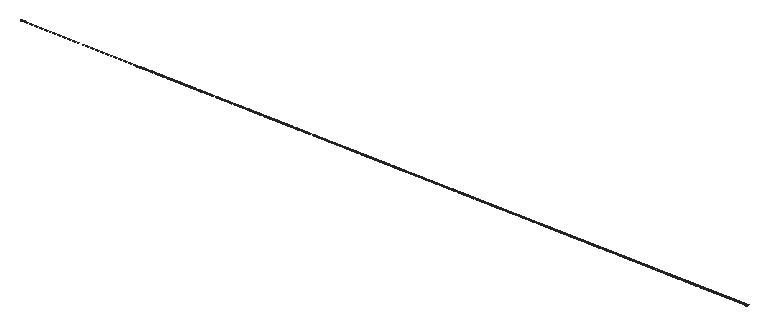
Revit family "0068169", category Lighting Fixtures, host Face, Revit 2017 (continued)
Automatic sketch dimensions
  Extrusion 99 sketch curve to Extrusion 99 sketch curve = 0 mm  (x3)
  Extrusion 99 sketch curve to Extrusion 99 sketch curve = 3 mm  (x4)
  Extrusion 100 sketch curve to Extrusion 100 sketch curve = 2 mm  (x4)
  Extrusion 100 sketch curve to Extrusion 100 sketch curve = 14.6 mm  (x2)
  Extrusion 100 sketch curve to Extrusion 100 sketch curve = 31.2 mm
  Extrusion 100 sketch curve to Extrusion 100 sketch curve = 0 mm  (x3)
  Extrusion 100 sketch curve to Extrusion 100 sketch curve = 3 mm  (x4)
  Extrusion 101 sketch curve to Extrusion 101 sketch curve = 2 mm  (x4)
  Extrusion 101 sketch curve to Extrusion 101 sketch curve = 14.6 mm  (x2)
  Extrusion 101 sketch curve to Extrusion 101 sketch curve = 31.2 mm
  Extrusion 101 sketch curve to Extrusion 101 sketch curve = 0 mm  (x3)
  Extrusion 101 sketch curve to Extrusion 101 sketch curve = 3 mm  (x4)
  Extrusion 102 sketch curve to Extrusion 102 sketch curve = 2 mm  (x4)
  Extrusion 102 sketch curve to Extrusion 102 sketch curve = 14.6 mm  (x2)
  Extrusion 102 sketch curve to Extrusion 102 sketch curve = 31.2 mm
  Extrusion 102 sketch curve to Extrusion 102 sketch curve = 0 mm  (x3)
  Extrusion 102 sketch curve to Extrusion 102 sketch curve = 3 mm  (x4)
  Extrusion 103 sketch curve to Extrusion 103 sketch curve = 2 mm  (x4)
  Extrusion 103 sketch curve to Extrusion 103 sketch curve = 14.6 mm  (x2)
  Extrusion 103 sketch curve to Extrusion 103 sketch curve = 31.2 mm
  Extrusion 103 sketch curve to Extrusion 103 sketch curve = 0 mm  (x3)
  Extrusion 103 sketch curve to Extrusion 103 sketch curve = 3 mm  (x4)
  Extrusion 104 sketch curve to Extrusion 104 sketch curve = 2 mm  (x4)
  Extrusion 104 sketch curve to Extrusion 104 sketch curve = 14.6 mm  (x2)
  Extrusion 104 sketch curve to Extrusion 104 sketch curve = 31.2 mm
  Extrusion 104 sketch curve to Extrusion 104 sketch curve = 0 mm  (x3)
  Extrusion 104 sketch curve to Extrusion 104 sketch curve = 3 mm  (x4)
  Extrusion 105 sketch curve to Extrusion 105 sketch curve = 2 mm  (x4)
  Extrusion 105 sketch curve to Extrusion 105 sketch curve = 14.6 mm  (x2)
  Extrusion 105 sketch curve to Extrusion 105 sketch curve = 31.2 mm
  Extrusion 105 sketch curve to Extrusion 105 sketch curve = 0 mm  (x3)
  Extrusion 105 sketch curve to Extrusion 105 sketch curve = 3 mm  (x4)
  radius of Sweep 3 sketch curve = 1.353 mm
  radius of Sweep 2 sketch curve = 1.399 mm
Connectors
  electrical at (-230, 0, 0), driven by "Apparent Load", driven by "PowerFactor", driven by "Voltage"
    settings: index 1, voltage 0 V, apparent load 24 VA, apparent load phase1 0 VA, apparent load phase2 0 VA, apparent load phase3 0 VA, power factor 0, load classification "Lighting", number of poles 1, system type 30, power factor state 1, is connector primary yes, connector utility no, sub classification motor no, connector description ""
Types (4, lengths in mm): name | TypeName | built-in parameter 1150134 | Photometric Web File | Name | ModelReference | ModelNumber | Model | LuminousEfficacy | built-in parameter 1150105 | Lumens | LampNominalLuminous | LampColourTemperature | built-in parameter 1150107 | built-in parameter 1150106 | built-in parameter 1150104 | DocumentationLiterature
  0068167 FLEX PRO IP20 2300LM 927 | "Flex Pro IP20 2300lm 927" | (empty or 0) | "0068167.ies" | "Flex Pro IP20 2300lm 927" | "Flex Pro IP20 2300lm 927" | "0068167" | "Flex Pro IP20 2300lm 927" | "96 lm/W" | 788.32 (stored number, unit not read) | 2304 lm | "2300 lm" | "2700 K" | 2700 (stored number, unit not read) | 7.8832 (stored number, unit not read) | 8.9187 (stored number, unit not read) | "http://www.sylvania-lighting.com/product/en-int/products/0068167"
  0068169 FLEX PRO IP20 2500LM 940 | "Flex Pro IP20 2500lm 940" | 12 | "0068169.ies" | "Flex Pro IP20 2500lm 940" | "Flex Pro IP20 2500lm 940" | "0068169" | "Flex Pro IP20 2500lm 940" | "104 lm/W" | 198.63 (stored number, unit not read) | 2496 lm | "2500 lm" | "4000 K" | 4000 (stored number, unit not read) | 1.9863 (stored number, unit not read) | 9.6619 (stored number, unit not read) | "http://www.sylvania-lighting.com/product/en-int/products/0068169"
  0068168 FLEX PRO IP20 2450LM 930 | "Flex Pro IP20 2450lm 930" | (empty or 0) | "0068168.ies" | "Flex Pro IP20 2450lm 930" | "Flex Pro IP20 2450lm 930" | "0068168" | "Flex Pro IP20 2450lm 930" | "102 lm/W" | 194.81 (stored number, unit not read) | 2448 lm | "2450 lm" | "3000 K" | 3000 (stored number, unit not read) | 1.9481 (stored number, unit not read) | 9.4761 (stored number, unit not read) | "http://www.sylvania-lighting.com/product/en-int/products/0068168"
  0068170 FLEX PRO IP20 2400LM 965 | "Flex Pro IP20 2400lm 965" | 1 | "0068170.ies" | "Flex Pro IP20 2400lm 965" | "Flex Pro IP20 2400lm 965" | "0068170" | "Flex Pro IP20 2400lm 965" | "100 lm/W" | 190.99 (stored number, unit not read) | 2400 lm | "2400 lm" | "6500 K" | 6500 (stored number, unit not read) | 1.9099 (stored number, unit not read) | 9.2903 (stored number, unit not read) | "http://www.sylvania-lighting.com/product/en-int/products/0068170"
